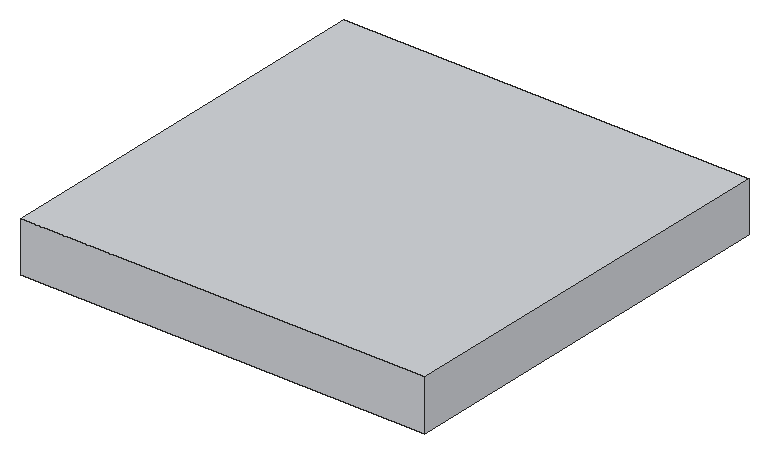
Revit family "Sanitary_Basins_DELABIE_180800-Wall-mounted-SD-drinking-fountain", category Modèles génériques, Revit 2018
Family settings
  Hôte = Face
  Peut héberger une armature = Non
  Cote de connecteur circulaire = Utiliser le diamètre
  Type d'élément = Normal
  Couper avec des vides une fois chargée = Non
  Partagée = Non
  Point de calcul de pièce = Non
Parameters
  Default Elevation = 1219.2 mm
Reference planes
  plane 1 "Centre (avant/arrière)": y = 0
  plane 2: z = 0
  plane 3 "Centre (gauche/droite)": x = 0
Forms (mm)
  Extrusion 1, solid
    sketch origin (0, 0, 0) x (1, 0, 0) y (0, 1, 0)
      loop
        line (-1219.2, 1219.2) -> (-1219.2, -1219.2) -> (1219.2, -1219.2) -> (1219.2, 1219.2) -> (-1219.2, 1219.2)
    from 0 to -304.8
Dimensions and locks
  aligned and locked: plane 2 to Extrusion 1
  aligned and locked: level to Extrusion 1
Nested families
  nested 1: "Sanitary_Basins_DELABIE_180800-Wall-mounted-SD-drinking-fountain" at (0, 0, 0), type "Default"
Definition of nested family "Sanitary_Basins_DELABIE_180800-Wall-mounted-SD-drinking-fountain"
  Parameters (values of type "Default")
    Youtube clip = ""
    Uniformat II Description = ""
    Uniformat II Code = ""
    Uniclass 2015 Name = "Sanitary fittings and accessories"
    Uniclass 2015 Code = "Pr_40_20"
    Uniclass 2.0 Description = ""
    Uniclass 2.0 Code = ""
    Uniclass 1.4 Description = ""
    Uniclass 1.4 Code = ""
    UNSPSC Code = "301815"
    Technical description = "https://www.delabie.com/products/180800"
    Region South America = "AR, BO, BR, CL, CO, EC, FK, GF, GY, PE, PY, SR, UY, VE"
    Region Oceania = "AU, FJ, NC, NZ, PG, SB, TL, VU"
    Region North America = "BS, BZ, CA, CR, CU, DO, GL, GT, HN, HT, JM, MX, NI, PA, PR, SV, TT, US"
    Region Middle East = "AE, AF, EG, IL, IQ, IR, JO, KW, LB, OM, PS, QA, SA, SY, TR, YE"
    Region Europe = "AL, AT, BA, BE, BG, BY, CH, CY, CZ, DE, DK, EE, ES, FI, FR, GB, GR, HR, HU, IE, IS, IT, LT, LU, LV, MD, ME, MK, NL, NO, PL, PT, RO, RS, RU, SE, SI, SJ, SK, UA"
    Region Asia = "AM, AZ, BD, BN, BT, CN, GE, ID, IN, JP, KG, KH, KP, KR, KZ, LA, LK, MM, MN, MY, NP, PH, PK, TH, TJ, TM, TW, UZ, VN"
    Region Antarctica = "TF"
    Region Africa = "AO, BF, BI, BJ, BW, CD, CF, CG, CI, CM, DJ, DZ, EH, ER, ET, GA, GH, GM, GN, GQ, GW, KE, LR, LS, LY, MA, MG, ML, MR, MW, MZ, NA, NE, NG, RW, SD, SL, SN, SO, SS, SZ, TD, TG, TN, TZ, UG, ZA, ZM, ZW"
    QR code = "http://bimobject.com/delabie/product/180800"
    Product url = "https://www.delabie.com/products/180800"
    Product name = "180800 Wall mounted SD drinking fountain"
    Product group = "Washbasin"
    Product family = "Sanitary"
    Product data url = "https://bimobject.com/delabie/product/180800"
    Product certification = "https://www.delabie.com/products/180800"
    Product SKU = "180800"
    Product Guid = "da33e11d-65e9-4b6f-b2b7-680ae5e46cdf"
    OmniClass Description = ""
    OmniClass Code = ""
    NBS Reference Description = ""
    NBS Reference Code = ""
    Material secondary = ""
    Material main = "Stainless steel"
    Masterformat 2014 Description = ""
    Masterformat 2014 Code = ""
    Manufacturer name = "DELABIE"
    Manufacturer country = "Portugal"
    Installation instructions = "https://www.delabie.com/products/180800"
    IFC Classification = "Sanitary Terminal"
    GTIN code = "https://3456330154130"
    Edition number = 1
    Design country = "Portugal"
    Date of publishing = ""
    COBIe Type Category = ""
    Brand url = "http://www.delabie.com"
    BOS_1_Visibility = yes
    BOS_1_Material = none
    BOS_0_Visibility = yes
    BOS_0_Material = none
    BIMobject main category code = "sanitary"
    BIMobject main category = "Sanitary"
    BIMobject category code = "sanitary-basins"
    BIMobject category = "Basins"
  Reference planes
    plane 1 "Center (Front/Back)": y = 0
    plane 2: z = 0
    plane 3 "Center (Left/Right)": x = 0
  Dimensions and locks
    aligned and locked: level to plane 2
  Imported bodies without a history: 1
  Connectors
    piping at (119.955, 34.137, 160), diameter 16.5
      settings: on free form element, index 1, connector inside diameter 609.6 mm, connector length 0 mm, flow factor 0, pipe flow 0.0 L/s, pressure drop 0.0 Pa, fitting loss kfactor 0, connector angle 0.00°, fixture units 0, engagement length 0 mm, angle of deflection 0.00°, flow configuration 0, flow direction 0, fitting loss method 0, system type 7, joint type 0, gender type 0, connector reference index -1, connector utility 0, adjustable connector no, is connector primary yes, connector description ""
